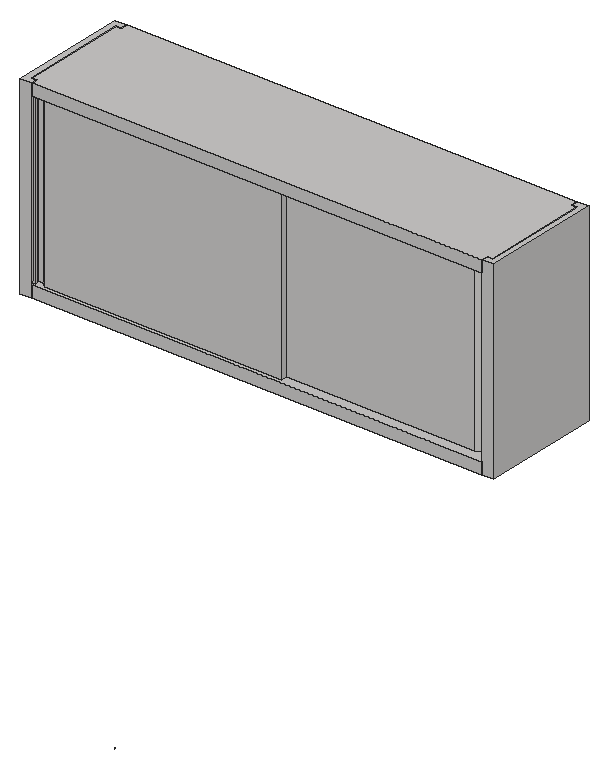
Revit family "QF_ELECTROLUXPROFESSIONAL_134079_GPS1600E", category Attrezzature speciali, Revit 2020
Family settings
  Quota connettore circolare = Usa diametro
  Tipo di parte = Normale
  Basato su piano di lavoro = No
  Sempre verticale = Sì
  Taglio con vuoti quando caricato = No
  Condiviso = No
  Punto di calcolo locali = No
Parameters (values of type "Standard")
  Weight = 45.00 kg
  Watts = 0 W
  Volts = 0 V
  URL Manufacturer = "https://www.electroluxprofessional.com/"
  URL = "https://www.electroluxprofessional.com/"
  Steam Supply Size = 0 mm
  Steam Supply Minimum Pressure = 0.0 Pa
  Steam Supply Maximum Pressure = 0.0 Pa
  Steam Consumption per Hour = 0
  Refrigeration Suction Line Size = 0.0 mm
  Refrigeration Liquid Line Size = 0.0 mm
  Refrigerant Compressor Remote = yes
  Prospetto di default = 0.0 mm
  Phase = 0
  Modello = "GPS1600E"
  Produttore = "Electrolux Professional"
  Length Actual = 1600.0 mm  # constant formula
  Item Number = "134079"
  Hot Water Size = 0 mm
  Height Actual = 650.0 mm  # constant formula
  HP = "0 HP"
  Gas Size = 0 mm
  Gas KW = 0
  Gas Input Pressure = 0 W
  Direct Waste Size = 0 mm
  Descrizione = "WALL CUPBOARD W/2 SLIDING DOORS 1600 MM"
  Depth Actual = 400.0 mm  # constant formula
  Cycle = 0 Hz
  Condensate Return Size = 0 mm
  Compressed Air Volume = 0.0 L/s
  Compressed Air Size = 0 mm
  Compressed Air Pressure = 0.0 Pa
  Cold Water Size = 0 mm
  Accessory = yes
Reference planes
  plane 1 "Center (Front/Back)": y = 0
  plane 2: z = 0
  plane 3 "Center (Left/Right)": x = -300
  plane 4 "LEFT": x = -1100
  plane 5 "RIGHT": x = 500
  plane 6 "BACK": y = 200
  plane 7 "FRONT": y = -200
  plane 8 "Base": z = 2200
  plane 9 "BASE": z = 1550
  plane 10: x = -1060
  plane 11: x = 460
  plane 12: y = -197
  plane 13: y = 150
  plane 14: y = 197
  plane 15: x = -220
  plane 16: x = -380
Forms (mm)
  Extrusion 1, solid, material "QF_Finishes_Stainless Steel"
    sketch origin (0, 0, 1550) x (-1, 0, 0) y (0, -1, 0)
      loop
        line (1100, -200) -> (1100, 200) -> (1060, 200) -> (1060, 178) -> (1078, 178) -> (1078, -178) -> (1060, -178) -> (1060, -200) -> (1100, -200)
      loop
        line (-460, -200) -> (-460, -178) -> (-478, -178) -> (-478, 178) -> (-460, 178) -> (-460, 200) -> (-500, 200) -> (-500, -200) -> (-460, -200)
    from 0 to 650
  Extrusion 2, solid, material "QF_Finishes_Stainless Steel"
    sketch origin (0, 0, 1550) x (-1, 0, 0) y (0, -1, 0)
      loop
        line (-460, 200) -> (-460, 178) -> (-478, 178) -> (-478, -178) -> (-460, -178) -> (-460, -200) -> (1060, -200) -> (1060, -178) -> (1078, -178) -> (1078, 178) -> (1060, 178) -> (1060, 200) -> (-460, 200)
    from 0 to 40
  Extrusion 3, solid, material "QF_Finishes_Stainless Steel"
    sketch origin (0, 0, 0) x (1, 0, 0) y (0, 1, 0)
      loop
        line (-1060, -200) -> (460, -200) -> (460, -178) -> (478, -178) -> (478, 178) -> (460, 178) -> (460, 200) -> (-1060, 200) -> (-1060, 178) -> (-1078, 178) -> (-1078, -178) -> (-1060, -178) -> (-1060, -200)
    from 2160 to 2200
  Extrusion 4, solid, material "QF_Finishes_Stainless Steel"
    sketch origin (0, 0, 0) x (1, 0, 0) y (0, 1, 0)
      loop
        line (-220, -197) -> (-220, -177) -> (-1057, -177) -> (-1057, -197) -> (-1047, -197) -> (-1047, -194) -> (-1054, -194) -> (-1054, -182) -> (-1037, -182) -> (-1017, -197) -> (-220, -197)
    from 1597 to 2160
  Extrusion 5, solid, material "QF_Finishes_Stainless Steel"
    sketch origin (0, 0, 0) x (1, 0, 0) y (0, 1, 0)
      loop
        line (-380, -177) -> (417, -177) -> (437, -162) -> (454, -162) -> (454, -174) -> (447, -174) -> (447, -177) -> (457, -177) -> (457, -157) -> (-380, -157) -> (-380, -177)
    from 2160 to 1597
  Extrusion 6, solid, material "QF_Finishes_Stainless Steel"
    sketch origin (0, 0, 0) x (1, 0, 0) y (0, 1, 0)
      loop
        line (-273.481, 197) -> (-1017, 197) -> (-1037, 182) -> (-1054, 182) -> (-1054, 194) -> (-1047, 194) -> (-1047, 197) -> (-1057, 197) -> (-1057, 177) -> (-273.481, 177) -> (-273.481, 197)
    from 1597 to 2160
  Extrusion 7, solid, material "QF_Finishes_Stainless Steel"
    sketch origin (0, 0, 0) x (1, 0, 0) y (0, 1, 0)
      loop
        line (-326.5, 177) -> (-326.5, 157) -> (457, 157) -> (457, 177) -> (447, 177) -> (447, 174) -> (454, 174) -> (454, 162) -> (437, 162) -> (417, 177) -> (-326.5, 177)
    from 2160 to 1597
  Extrusion 8, solid, material "QF_Finishes_Stainless Steel"
    sketch origin (0, 0, 0) x (1, 0, 0) y (0, 1, 0)
      loop
        line (-1100, 200) -> (-1100, 199) -> (-1099, 199) -> (-1099, 200) -> (-1100, 200)
    from 0 to 1
Lines and regions (mm)
  symbolic lines, style "SpecialityEquipmentHiddenLines"
    curve 1: line (457, -157, 0) -> (-380, -157, 0)
    curve 2: line (-380, -157, 0) -> (-380, -177, 0)
    curve 3: line (417, -177, 0) -> (-1057, -177, 0)
    curve 4: line (-220, -177, 0) -> (-220, -197, 0)
    curve 5: line (-1057, -177, 0) -> (-1057, -197, 0)
    curve 6: line (-1037, -182, 0) -> (-1054, -182, 0)
    curve 20: line (457, 157, 0) -> (-326.5, 157, 0)
    curve 21: line (-326.5, 157, 0) -> (-326.5, 177, 0)
    curve 22: line (417, 177, 0) -> (-1057, 177, 0)
    curve 23: line (-273.5, 177, 0) -> (-273.5, 197, 0)
    curve 24: line (-1057, 177, 0) -> (-1057, 197, 0)
    curve 39: line (-1017, -197, 0) -> (-220, -197, 0)
    curve 40: line (-1057, -197, 0) -> (-1047, -197, 0)
    curve 41: line (-1047, 197, 0) -> (-1057, 197, 0)
    curve 42: line (-1017, 197, 0) -> (-273.5, 197, 0)
    curve 43: line (-1037, 182, 0) -> (-1054, 182, 0)
    curve 44: line (-1017, 197, 0) -> (-1037, 182, 0)
  symbolic lines
    curve 7: line (-1100, 200, 0) -> (500, -200, 0)
    curve 8: line (500, 200, 0) -> (-1100, -200, 0)
    curve 9: line (-1037, -182, 0) -> (-1017, -197, 0)
    curve 10: line (-1054, -182, 0) -> (-1054, -194, 0)
    curve 11: line (-1054, -194, 0) -> (-1047, -194, 0)
    curve 12: line (-1047, -194, 0) -> (-1047, -197, 0)
    curve 13: line (457, -157, 0) -> (457, -177, 0)
    curve 14: line (457, -177, 0) -> (447, -177, 0)
    curve 15: line (447, -177, 0) -> (447, -174, 0)
    curve 16: line (447, -174, 0) -> (454, -174, 0)
    curve 17: line (454, -174, 0) -> (454, -162, 0)
    curve 18: line (454, -162, 0) -> (437, -162, 0)
    curve 19: line (417, -177, 0) -> (437, -162, 0)
    curve 25: line (-1054, 182, 0) -> (-1054, 194, 0)
    curve 26: line (-1054, 194, 0) -> (-1047, 194, 0)
    curve 27: line (-1047, 194, 0) -> (-1047, 197, 0)
    curve 28: line (457, 157, 0) -> (457, 177, 0)
    curve 29: line (457, 177, 0) -> (447, 177, 0)
    curve 30: line (447, 177, 0) -> (447, 174, 0)
    curve 31: line (447, 174, 0) -> (454, 174, 0)
    curve 32: line (454, 174, 0) -> (454, 162, 0)
    curve 33: line (454, 162, 0) -> (437, 162, 0)
    curve 34: line (417, 177, 0) -> (437, 162, 0)
    curve 35: line (-1100, 200, 0) -> (500, 200, 0)
    curve 36: line (-1100, -200, 0) -> (-1100, 200, 0)
    curve 37: line (500, -200, 0) -> (-1100, -200, 0)
    curve 38: line (500, 200, 0) -> (500, -200, 0)
Dimensions and locks
  plane 4 "LEFT" to plane 5 "RIGHT" = 1600.0 mm
  equal spacing: plane 4 "LEFT", plane 3 "Center (Left/Right)", plane 5 "RIGHT"
  plane 6 "BACK" to plane 7 "FRONT" = 400.0 mm
  equal spacing: plane 6 "BACK", plane 1 "Center (Front/Back)", plane 7 "FRONT"
  plane 9 "BASE" to level = 1550.0 mm
  locked: plane 4 "LEFT" to plane 10 at 40
  locked: plane 11 to plane 5 "RIGHT" at 40
  plane 12 to plane 7 "FRONT" = 3.0 mm
  plane 6 "BACK" to plane 13 = 50.0 mm
  locked: plane 8 "Base" to plane 9 "BASE" at 650
  equal spacing: plane 16, plane 3 "Center (Left/Right)", plane 15
  locked: plane 16 to plane 15 at 160
  aligned and locked: level to plane 2
  aligned and locked: plane 8 "Base" to Extrusion 1
  aligned and locked: plane 6 "BACK" to Extrusion 1 sketch curve
  aligned and locked: Extrusion 1 sketch curve to plane 6 "BACK"
  aligned and locked: plane 7 "FRONT" to Extrusion 1 sketch curve
  aligned and locked: Extrusion 1 sketch curve to plane 7 "FRONT"
  aligned and locked: plane 10 to Extrusion 1
  aligned and locked: Extrusion 1 to plane 11
  aligned and locked: plane 8 "Base" to Extrusion 3
  aligned and locked: Extrusion 3 to plane 7 "FRONT"
  aligned and locked: Extrusion 2 to plane 7 "FRONT"
  aligned and locked: plane 15 to Extrusion 4
  aligned and locked: curve 4 to plane 15
  aligned and locked: plane 16 to Extrusion 5
  aligned and locked: plane 16 to curve 2
  aligned and locked: curve 43 to Extrusion 6
  aligned and locked: curve 44 to Extrusion 6
Automatic sketch dimensions
  Extrusion 1 sketch curve to plane 11 = 0.0 mm  (x2)
  Extrusion 1 sketch curve to plane 4 "LEFT" = 0.0 mm
  Extrusion 4 sketch curve to plane 12 = 0.0 mm  (x2)
  plane 10 to Extrusion 4 sketch curve = 3.0 mm
  Extrusion 4 sketch curve to Extrusion 4 sketch curve = 3.0 mm
  Extrusion 4 sketch curve to Extrusion 4 sketch curve = 7.0 mm
  Extrusion 4 sketch curve to Extrusion 4 sketch curve = 10.0 mm
  plane 3 "Center (Left/Right)" to Extrusion 4 sketch curve = 80.0 mm
  plane 12 to Extrusion 4 sketch curve = 3.0 mm
  Extrusion 4 sketch curve to Extrusion 4 sketch curve = 12.0 mm
  Extrusion 4 sketch curve to Extrusion 4 sketch curve = 20.0 mm  (x2)
  Extrusion 4 sketch curve to Extrusion 4 sketch curve = 0.0 mm
  Extrusion 5 sketch curve to plane 3 "Center (Left/Right)" = 80.0 mm
  plane 12 to Extrusion 5 sketch curve = 20.0 mm  (x2)
  Extrusion 5 sketch curve to plane 11 = 43.0 mm
  Extrusion 5 sketch curve to plane 11 = 23.0 mm
  Extrusion 5 sketch curve to plane 11 = 13.0 mm
  Extrusion 5 sketch curve to plane 11 = 6.0 mm
  Extrusion 5 sketch curve to plane 11 = 3.0 mm
  Extrusion 5 sketch curve to Extrusion 5 sketch curve = 3.0 mm
  Extrusion 5 sketch curve to Extrusion 5 sketch curve = 12.0 mm
  Extrusion 5 sketch curve to Extrusion 5 sketch curve = 20.0 mm
  plane 14 to Extrusion 6 sketch curve = 0.0 mm  (x2)
  Extrusion 6 sketch curve to plane 10 = 3.0 mm
  Extrusion 6 sketch curve to Extrusion 6 sketch curve = 3.0 mm
  Extrusion 6 sketch curve to Extrusion 6 sketch curve = 7.0 mm
  Extrusion 6 sketch curve to Extrusion 6 sketch curve = 10.0 mm
  Extrusion 6 sketch curve to plane 3 "Center (Left/Right)" = 26.519 mm
  Extrusion 6 sketch curve to plane 14 = 3.0 mm
  Extrusion 6 sketch curve to Extrusion 6 sketch curve = 12.0 mm
  Extrusion 6 sketch curve to Extrusion 6 sketch curve = 20.0 mm  (x2)
  Extrusion 6 sketch curve to Extrusion 6 sketch curve = 0.0 mm
  plane 3 "Center (Left/Right)" to Extrusion 7 sketch curve = 26.5 mm
  Extrusion 7 sketch curve to plane 14 = 20.0 mm  (x2)
  plane 11 to Extrusion 7 sketch curve = 43.0 mm
  plane 11 to Extrusion 7 sketch curve = 23.0 mm
  plane 11 to Extrusion 7 sketch curve = 13.0 mm
  plane 11 to Extrusion 7 sketch curve = 6.0 mm
  plane 11 to Extrusion 7 sketch curve = 3.0 mm
  Extrusion 7 sketch curve to Extrusion 7 sketch curve = 3.0 mm
  Extrusion 7 sketch curve to Extrusion 7 sketch curve = 12.0 mm
  plane 13 to Extrusion 7 sketch curve = 7.0 mm
  Extrusion 8 sketch curve to plane 6 "BACK" = 0.0 mm
  Extrusion 8 sketch curve to plane 4 "LEFT" = 0.0 mm
  plane 4 "LEFT" to Extrusion 8 sketch curve = 1.0 mm
  Extrusion 8 sketch curve to plane 6 "BACK" = 1.0 mm
  Extrusion 1 sketch curve to plane 6 "BACK" = 22.0 mm  (x2)
  plane 4 "LEFT" to Extrusion 1 sketch curve = 22.0 mm
  plane 7 "FRONT" to Extrusion 1 sketch curve = 22.0 mm  (x2)
  Extrusion 1 sketch curve to plane 10 = 0.0 mm  (x2)
  plane 11 to Extrusion 1 sketch curve = 18.0 mm
  Extrusion 1 sketch curve to plane 5 "RIGHT" = 0.0 mm
  curve 37 to plane 4 "LEFT" = 0.0 mm
  curve 5 to plane 12 = 0.0 mm
  plane 14 to curve 24 = 0.0 mm
  curve 9 to plane 12 = 0.0 mm
  curve 38 to plane 5 "RIGHT" = 0.0 mm
  curve 7 to plane 7 "FRONT" = 0.0 mm
  curve 7 to plane 6 "BACK" = 0.0 mm
  plane 10 to curve 24 = 3.0 mm
  plane 10 to curve 5 = 3.0 mm
  curve 22 to curve 25 = 3.0 mm
  curve 3 to curve 10 = 3.0 mm
  curve 10 to curve 40 = 7.0 mm
  curve 25 to curve 27 = 7.0 mm
  curve 12 to curve 9 = 30.0 mm
  curve 20 to plane 13 = 7.0 mm
  curve 20 to plane 3 "Center (Left/Right)" = 26.5 mm
  plane 3 "Center (Left/Right)" to curve 23 = 26.5 mm
  plane 12 to curve 3 = 20.0 mm
  curve 3 to plane 11 = 43.0 mm
  curve 34 to plane 11 = 43.0 mm
  curve 34 to plane 11 = 23.0 mm
  curve 18 to plane 11 = 23.0 mm
  curve 14 to plane 11 = 13.0 mm
  curve 29 to plane 11 = 13.0 mm
  curve 32 to plane 11 = 6.0 mm
  curve 17 to plane 11 = 6.0 mm
  curve 29 to plane 11 = 3.0 mm
  curve 13 to plane 11 = 3.0 mm
  curve 12 to curve 12 = 3.0 mm
  curve 6 to curve 3 = 5.0 mm
  plane 12 to curve 13 = 20.0 mm
  curve 14 to curve 16 = 3.0 mm
  curve 15 to curve 19 = 12.0 mm
  curve 2 to curve 2 = 20.0 mm
  curve 20 to curve 33 = 5.0 mm
  curve 32 to curve 31 = 12.0 mm
  curve 31 to curve 28 = 3.0 mm
  plane 14 to curve 26 = 3.0 mm
  curve 11 to curve 6 = 10.0 mm
  Extrusion 3 sketch curve to plane 6 "BACK" = 0.0 mm
  Extrusion 3 sketch curve to plane 10 = 0.0 mm  (x2)
  Extrusion 3 sketch curve to plane 7 "FRONT" = 0.0 mm
  Extrusion 3 sketch curve to plane 11 = 0.0 mm  (x2)
  Extrusion 3 sketch curve to Extrusion 3 sketch curve = 18.0 mm
  plane 11 to Extrusion 3 sketch curve = 18.0 mm
  plane 12 to Extrusion 3 sketch curve = 19.0 mm  (x2)
  plane 14 to Extrusion 3 sketch curve = 19.0 mm  (x2)
  Extrusion 2 sketch curve to plane 11 = 0.0 mm  (x2)
  Extrusion 2 sketch curve to plane 6 "BACK" = 0.0 mm
  Extrusion 2 sketch curve to plane 10 = 0.0 mm  (x2)
  Extrusion 2 sketch curve to plane 7 "FRONT" = 0.0 mm
  plane 11 to Extrusion 2 sketch curve = 18.0 mm
  Extrusion 2 sketch curve to Extrusion 2 sketch curve = 18.0 mm
  plane 14 to Extrusion 2 sketch curve = 19.0 mm  (x2)
  plane 12 to Extrusion 2 sketch curve = 19.0 mm  (x2)
  plane 14 to curve 42 = 0.0 mm
  curve 22 to curve 25 = 5.0 mm
